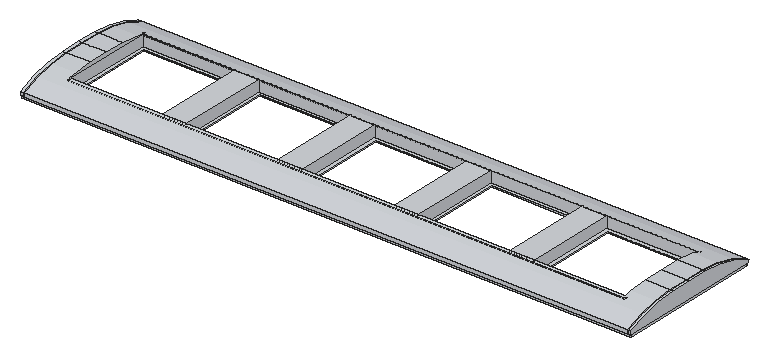
Revit family "Gira_0215771", category Electrical Fixtures, host Face, Revit 2017
Family settings
  Host = Face
  Maintain Annotation Orientation = No
  Round Connector Dimension = Use Diameter
  Part Type = Normal
  Cut with Voids When Loaded = No
  Shared = No
  Room Calculation Point = No
Parameters (values of type "Cov.fr. 5-g interm.fr. CW Gira Event Clear sand")
  With mounting grid = "No"
  With hinged lid = "No"
  URL = "http://katalog.gira.de/en/datenblatt.html?artikelnr=0215771"
  Type of fastening = "Clamp mounting"
  Transparent = "No"
  Surface protection = "Other"
  Surface finishing = "Glossy"
  Suitable for wall duct = "No"
  Suitable for flush-mounted installation = "Yes"
  Suitable for floor box = "No"
  Suitable for built-in installation = "No"
  Number of units vertical = "5"
  Number of units horizontal = "5"
  Number of units = "5"
  Name = "Cov.fr. 5-g interm.fr. CW Gira Event Clear sand"
  Mounting direction = "Horizontal and vertical"
  Material quality = "Thermoplastic"
  Material = "Plastic"
  Manufacturer URL = "https://www.gira.de/"
  Manufacturer = "Gira"
  Label space/information surface = "No"
  Keynote = ""
  HeinzeBIM = "https://bimportal.heinze.de/bim/cov-fr-5-g-interm-fr-cw-gira-event-clear-sand/d51668fedcf0df8d97f774fa6f6cce058d0b3c8f"
  Halogen free = "Yes"
  HAN = "0215771"
  GTIN = "4010337069522"
  Description = "Cov.fr.5g i.fr.CW EvCl SD,Gira Event Clear cover frame,sand with cream white glossy intermediate frame,5-gang,Features:,- Shatter-proof."
  Degree of protection (IP) = "IP20"
  Default Elevation = 1219.2 mm
  Data sheet (1) = "https://katalog.gira.de/en/download.html?artikelnr=0215771"
  Colour = "Other"
  Category = "Cover frame for domestic switching devices"
  BIM (1) = "https://media.stage.bim.site/public/gira/36a6b08/Event_Rahmen_5fach.rfa"
  Available = "No"
Reference planes
  plane 1 "Center (Front/Back)": y = 0
  plane 2: z = 0
  plane 3 "Center (Left/Right)": x = 0
Forms (mm)
  Extrusion 1, solid, detail levels fine
    sketch origin (0, 0, 0.05) x (0, 1, 0) y (0, 0, 1)
      loop
        arc (12.445, 9.683) -> (6.223, 9.833) -> (0, 9.85) r 291.636
        arc (0, 9.85) -> (-6.223, 9.833) -> (-12.445, 9.683) r 291.636
        arc (-12.445, 9.683) -> (-29.14, 7.482) -> (-45, 1.823) r 79.728
        line (-45, 1.823) -> (-45, -0.05) -> (-42.086, -0.05)
        arc (-42.086, -0.05) -> (-21.385, 5.559) -> (0, 7.206) r 114.424
        arc (0, 7.206) -> (21.385, 5.559) -> (42.086, -0.05) r 114.424
        line (42.086, -0.05) -> (45, -0.05) -> (45, 1.823)
        arc (45, 1.823) -> (29.14, 7.482) -> (12.445, 9.683) r 79.728
    from -185.578 to 185.593
  Extrusion 2, void, detail levels fine
    sketch origin (0, 0, 0) x (1, 0, 0) y (0, 1, 0)
      loop
        line (170.607, 28) -> (-170.593, 28) -> (-170.593, -28) -> (170.607, -28) -> (170.607, 28)
    from 0.724 to 11
  Extrusion 3, solid, detail levels coarse
    sketch origin (0, 0, 0) x (1, 0, 0) y (0, 1, 0)
      loop
        line (-187.578, 45) -> (-187.578, -45) -> (187.593, -45) -> (187.593, 45) -> (-187.578, 45)
    from -1.5 to 9.9
  Extrusion 4, solid, detail levels medium
    sketch origin (0, 0, 0.05) x (0, 1, 0) y (0, 0, 1)
      loop
        arc (12.445, 9.683) -> (6.223, 9.833) -> (0, 9.85) r 291.636
        arc (0, 9.85) -> (-6.223, 9.833) -> (-12.445, 9.683) r 291.636
        arc (-12.445, 9.683) -> (-29.14, 7.482) -> (-45, 1.823) r 79.728
        line (-45, 1.823) -> (-45, -0.05) -> (45, -0.05) -> (45, 1.823)
        arc (45, 1.823) -> (29.14, 7.482) -> (12.445, 9.683) r 79.728
    from -187.578 to 187.593
  Extrusion 5, solid, detail levels fine
    sketch origin (-142.578, 0, -1.5) x (0, 1, 0) y (0, 0, -1)
      loop
        line (45, -3.373) -> (45, -1.5) -> (-45, -1.5) -> (-45, -3.373)
        arc (-45, -3.373) -> (-29.14, -9.032) -> (-12.445, -11.233) r 79.728
        arc (-12.445, -11.233) -> (-6.223, -11.383) -> (0, -11.4) r 291.636
        arc (0, -11.4) -> (6.223, -11.383) -> (12.445, -11.233) r 291.636
        arc (12.445, -11.233) -> (29.14, -9.032) -> (45, -3.373) r 79.728
    from 43 to 45
  Extrusion 6, solid, detail levels fine
    sketch origin (0, 0, 0) x (1, 0, 0) y (0, 1, 0)
      loop
        line (-168.493, 25.7) -> (-168.493, -25.7) -> (-116.693, -25.7) -> (-116.693, 25.7) -> (-168.493, 25.7)
      loop
        line (-45.398, -25.7) -> (-45.398, 25.7) -> (-97.198, 25.7) -> (-97.198, -25.7) -> (-45.398, -25.7)
      loop
        line (-171.487, 28.49) -> (-171.487, -28.495)
        spline (-171.487, -28.495) -> (-171.479, -28.625) -> (-171.453, -28.754) -> (-171.411, -28.878) -> (-171.353, -28.995) -> (-171.281, -29.104) -> (-171.194, -29.202) -> (-171.096, -29.288) -> (-170.987, -29.361) -> (-170.87, -29.419) -> (-170.746, -29.461) -> (-170.618, -29.486) -> (-170.487, -29.495)
        line (-170.487, -29.495) -> (170.502, -29.495)
        spline (170.502, -29.495) -> (170.633, -29.486) -> (170.761, -29.461) -> (170.885, -29.419) -> (171.002, -29.361) -> (171.111, -29.288) -> (171.209, -29.202) -> (171.296, -29.104) -> (171.368, -28.995) -> (171.426, -28.878) -> (171.468, -28.754) -> (171.494, -28.625) -> (171.502, -28.495)
        line (171.502, -28.495) -> (171.502, 28.49)
        spline (171.502, 28.49) -> (171.494, 28.62) -> (171.468, 28.748) -> (171.426, 28.872) -> (171.368, 28.99) -> (171.296, 29.098) -> (171.209, 29.197) -> (171.111, 29.283) -> (171.002, 29.356) -> (170.885, 29.413) -> (170.761, 29.456) -> (170.633, 29.481) -> (170.502, 29.49)
        line (170.502, 29.49) -> (-170.487, 29.49)
        spline (-170.487, 29.49) -> (-170.618, 29.481) -> (-170.746, 29.456) -> (-170.87, 29.413) -> (-170.987, 29.356) -> (-171.096, 29.283) -> (-171.194, 29.197) -> (-171.281, 29.098) -> (-171.353, 28.99) -> (-171.411, 28.872) -> (-171.453, 28.748) -> (-171.479, 28.62) -> (-171.487, 28.49)
      loop
        line (25.902, -25.7) -> (25.902, 25.7) -> (-25.898, 25.7) -> (-25.898, -25.7) -> (25.902, -25.7)
      loop
        line (97.207, -25.7) -> (97.207, 25.7) -> (45.407, 25.7) -> (45.407, -25.7) -> (97.207, -25.7)
      loop
        line (168.507, -25.7) -> (168.507, 25.7) -> (116.707, 25.7) -> (116.707, -25.7) -> (168.507, -25.7)
    from 0.1 to 7.3
  Extrusion 7, solid
    sketch origin (0, 0, 0) x (1, 0, 0) y (0, 1, 0)
      loop
        arc (-187.293, -44.218) -> (-187.146, -44.572) -> (-186.793, -44.718) r 0.5
        line (-186.793, -44.718) -> (186.807, -44.718)
        arc (186.807, -44.718) -> (187.161, -44.572) -> (187.307, -44.218) r 0.5
        line (187.307, -44.218) -> (187.307, 44.182)
        arc (187.307, 44.182) -> (187.161, 44.535) -> (186.807, 44.682) r 0.5
        line (186.807, 44.682) -> (-186.793, 44.682)
        arc (-186.793, 44.682) -> (-187.146, 44.535) -> (-187.293, 44.182) r 0.5
        line (-187.293, 44.182) -> (-187.293, -44.218)
      loop
        line (-185.593, 42.982) -> (-185.593, -43.018) -> (185.607, -43.018) -> (185.607, 42.982) -> (-185.593, 42.982)
    from -1.5 to 0.5
  Extrusion 8, solid, detail levels fine
    sketch origin (142.593, 0, -1.5) x (0, 1, 0) y (0, 0, 1)
      loop
        arc (45, 3.373) -> (29.14, 9.032) -> (12.445, 11.233) r 79.728
        arc (12.445, 11.233) -> (6.223, 11.383) -> (0, 11.4) r 291.636
        arc (0, 11.4) -> (-6.223, 11.383) -> (-12.445, 11.233) r 291.636
        arc (-12.445, 11.233) -> (-29.14, 9.032) -> (-45, 3.373) r 79.728
        line (-45, 3.373) -> (-45, 1.5) -> (45, 1.5) -> (45, 3.373)
    from 43 to 45
  Extrusion 9, solid, detail levels medium
    sketch origin (0, 0, 0) x (1, 0, 0) y (0, 1, 0)
      loop
        line (-187.293, -44.718) -> (187.307, -44.718) -> (187.307, 44.682) -> (-187.293, 44.682) -> (-187.293, -44.718)
    from -1.5 to 0.5
  Extrusion 10, solid, detail levels fine
    sketch origin (-105.5, 0, 0) x (1, 0, 0) y (0, 1, 0)
      loop
        line (-8.943, 28.063) -> (-8.943, -27.937) -> (6.057, -27.937) -> (6.057, 28.063) -> (-8.943, 28.063)
    from 0.724 to 7.566
  Extrusion 11, solid, detail levels fine
    sketch origin (-37.085, 0, 0) x (-1, 0, 0) y (0, -1, 0)
      loop
        line (-8.943, -28.063) -> (6.057, -28.063) -> (6.057, 27.937) -> (-8.943, 27.937) -> (-8.943, -28.063)
    from 0.724 to 7.566
  Extrusion 12, solid, detail levels fine
    sketch origin (105.5, 0, 0) x (-1, 0, 0) y (0, -1, 0)
      loop
        line (-8.943, -28.063) -> (6.057, -28.063) -> (6.057, 27.937) -> (-8.943, 27.937) -> (-8.943, -28.063)
    from 0.724 to 7.566
  Extrusion 13, solid, detail levels fine
    sketch origin (37.085, 0, 0) x (1, 0, 0) y (0, 1, 0)
      loop
        line (-8.943, 28.063) -> (-8.943, -27.937) -> (6.057, -27.937) -> (6.057, 28.063) -> (-8.943, 28.063)
    from 0.724 to 7.566
Cuts and joins
  Extrusion 2 cuts Extrusion 1
  Extrusion 2 cuts Extrusion 6
Dimensions and locks
  aligned and locked: plane 2 to host face
  aligned and locked: level to host face
